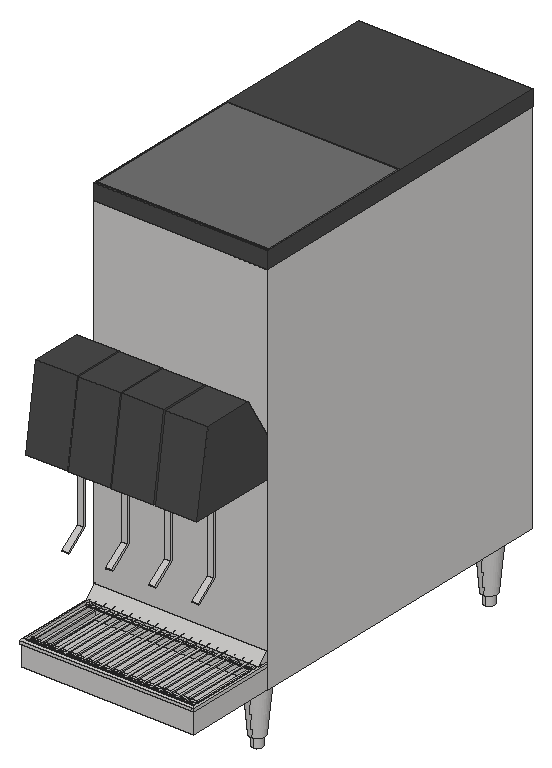
Revit family "QF_LANCER_CED 500_cat", category Specialty Equipment, Revit 2012
Parameters
  Width [instance] = 10 3/8"  # constant formula
  Weight in Pounds = 89
  Watts = 0 W
  Waste Water Discharge Temperature [instance] = -459.67 °F
  Volts = 115 V
  URL Cutsheet = "www.lancercorp.com"
  URL = "www.lancercorp.com"
  Type Mark [instance] = ""
  Status [instance] = ""
  Specification by User [instance] = ""
  Specification by Manufacturer = ""
  Show Clearance [instance] = yes
  Serial Number = ""
  Seismic Rating = ""
  SMACNA No = ""
  Revision Code [instance] = ""
  Refrigerant Type = "R134A"
  Plumbing Remarks [instance] = ""
  Plumbing Connection Type [instance] = ""
  Phase = 0
  Omniclass Number and Title = ""
  Number of Poles [instance] = 1
  NAFEM Spec ID Number = ""
  Model = "CED 500"
  Min Ckt Ampacity = 0 A
  Max Overcurrent Protection = 0 A
  Masterspec = ""
  Manufacturer = "LANCER"
  Item Number [instance] = ""
  Installed By [instance] = ""
  Indirect Waste Size = 3/4"
  Indirect Waste Flow [instance] = 0 GPM
  Indirect Waste Connection Type [instance] = ""
  Indirect Waste Connection Height = 0"
  Identify Quantity as Lot [instance] = yes
  Height [instance] = 27 1/2"  # constant formula
  HP = "1/4"
  Furnished By [instance] = ""
  Foodservice Equipment Identifier [instance] = yes
  FL Amps = 7 A
  Electrical Remarks [instance] = ""
  Electric Connection Type [instance] = ""
  Elec Conn RI Height [instance] = 0"
  Elec Conn Connection Height [instance] = 0"
  Description = "COUNTER ELECTRIC DISPENSER"
  Depth [instance] = 25 1/4"  # constant formula
  Cycle = 60 Hz
  Conn Plug = ""
  Conn Conduit = yes
  Cold Water Temperature Recommended [instance] = 0 °F
  Cold Water Size = 3/8"
  Cold Water RI Height [instance] = 0"
  Cold Water Minimum Pressure = 0.00 psi
  Cold Water Maximum Pressure = 0.00 psi
  Cold Water Flow [instance] = 0 GPM
  Cold Water Consumption = ""
  Cold Water Connection Height = 0"
  CSI MasterFormat = ""
  CSI Master Format = ""
  Apparent Power = if(Phase = 3, Volts * FL Amps * 1.73, Volts * FL Amps)  # 805 VA
Reference planes (in)
  plane 1 "BACK": y = 0
  plane 2: z = 0
  plane 3 "LEFT": x = 0
  plane 4 "RIGHT": x = 10.375
  plane 5 "FRONT": y = -25.25
  plane 6 "TOP": z = 27.5
  plane 7: x = 5.1875
  plane 8: y = -12.625
  plane 9: y = -19.75
  plane 10 "Base": z = 4
  plane 11: z = 19
  plane 12: z = 5.5
  plane 13: z = 15.25
  plane 14: z = 26.5
  plane 15: x = 1.3125
  plane 16: x = 4.14617
  plane 17: x = 1.52117
  plane 18: x = 3.90625
  plane 19: x = 6.73992
  plane 20: x = 4.11492
  plane 21: x = 9.0625
  plane 22: x = 11.89617
  plane 23: x = 9.27117
  plane 24: x = 6.46875
  plane 25: x = 9.30242
  plane 26: x = 6.67742
  plane 27: z = 14.75
Forms (in)
  Extrusion 1, solid, material "QF_Finishes_Stainless Steel"
    sketch origin (-4.95282, -180, 4) x (-1, 0, 0) y (0, -1, 0)
      loop
        line (-4.95282, -160.25) -> (-15.32782, -160.25) -> (-15.32782, -179.9375) -> (-4.95282, -179.9375) -> (-4.95282, -160.25)
    from 0 to 22.5
  Extrusion 2, solid, material "QF_Finishes_Black"
    sketch origin (-4.95282, -180, 26.5) x (-1, 0, 0) y (0, -1, 0)
      loop
        line (-4.95282, -180) -> (-4.95282, -160.25) -> (-15.32782, -160.25) -> (-15.32782, -180) -> (-4.95282, -180)
      loop
        line (-5.01532, -170.125) -> (-5.01532, -160.375) -> (-15.26532, -160.375) -> (-15.26532, -170.125) -> (-5.01532, -170.125)
    from 0 to 1
  Extrusion 3, solid, material "QF_Finishes_Stainless Steel"
    sketch origin (-4.83017, -180, 4) x (-1, 0, 0) y (0, -1, 0)
      loop
        line (-4.89267, -160.25) -> (-4.89267, -154.81627) -> (-15.14267, -154.81627) -> (-15.14267, -160.25) -> (-4.89267, -160.25)
      loop
        line (-5.01616, -160.12651) -> (-5.01616, -154.93976) -> (-15.01918, -154.93976) -> (-15.01918, -160.12651) -> (-5.01616, -160.12651)
    from 0 to 1.25
  Extrusion 4, solid, material "QF_Finishes_Stainless Steel"
    sketch origin (-4.83017, -180, 4) x (-1, 0, 0) y (0, -1, 0)
      loop
        line (-5.01616, -160.125) -> (-5.01616, -154.93976) -> (-15.01918, -154.93976) -> (-15.01918, -160.125) -> (-5.01616, -160.125)
    from 0 to 0.25
  Sweep 5, solid, material "QF_Finishes_Stainless Steel"
    path in 3D
      loop
        line (0.0625, -19.75, 5.25) -> (0.0625, -25.18373, 5.25) -> (10.3125, -25.18373, 5.25) -> (10.3125, -19.75, 5.25)
    profile origin (0.0625, -22.46687, 5.25) x (1, 0, 0) y (0, 0, 1)
      loop
        line (0.12349, 0) -> (0.12349, 0.25) -> (0.03755, 0.25)
        arc (0.03755, 0.25) -> (-0.03319, 0.22069) -> (-0.0625, 0.14995) r 0.10005
        line (-0.0625, 0.14995) -> (-0.0625, 0) -> (0.12349, 0)
  Extrusion 6, solid, material "QF_Finishes_Stainless Steel"
    sketch origin (-4.86589, 0, -12.75) x (1, 0, 0) y (0, 0, 1)
      loop
        circle (5.1875, 18.13599) r 0.06312
      loop
        circle (5.70066, 18.13599) r 0.06312
      loop
        circle (6.21382, 18.13599) r 0.06312
      loop
        circle (6.72697, 18.13599) r 0.06312
      loop
        circle (7.24013, 18.13599) r 0.06312
      loop
        circle (7.75329, 18.13599) r 0.06312
      loop
        circle (8.26645, 18.13599) r 0.06312
      loop
        circle (8.77961, 18.13599) r 0.06312
      loop
        circle (9.29276, 18.13599) r 0.06312
      loop
        circle (9.80592, 18.13599) r 0.06312
      loop
        circle (10.31908, 18.13599) r 0.06312
      loop
        circle (10.83224, 18.13599) r 0.06312
      loop
        circle (11.34539, 18.13599) r 0.06312
      loop
        circle (11.85855, 18.13599) r 0.06312
      loop
        circle (12.37171, 18.13599) r 0.06312
      loop
        circle (12.88487, 18.13599) r 0.06312
      loop
        circle (13.39803, 18.13599) r 0.06312
      loop
        circle (13.91118, 18.13599) r 0.06312
      loop
        circle (14.42434, 18.13599) r 0.06312
      loop
        circle (14.9375, 18.13599) r 0.06312
    from 19.87349 to 25.06024
  Extrusion 7, solid, material "QF_Finishes_Stainless Steel"
    sketch origin (5.1875, 11.66928, 35.25) x (0, 1, 0) y (0, 0, 1)
      loop
        circle (-36.32867, -29.86381) r 0.06338
      loop
        circle (-32.22483, -29.86381) r 0.06338
    from -5.00151 to 5.00151
  Extrusion 8, solid, material "QF_Finishes_Stainless Steel"
    sketch origin (0, 0, 0) x (0, 1, 0) y (0, 0, 1)
      loop
        line (-19.75, 6.10401) -> (-20.35401, 5.5) -> (-19.75, 5.5) -> (-19.75, 6.10401)
    from 0.0625 to 10.3125
  Extrusion 9, solid, material "QF_Finishes_Black"
    sketch origin (3.13508, 3.1875, -0.375) x (0, 1, 0) y (0, 0, -1)
      loop
        line (-27.34912, -20.37709) -> (-24.30931, -20.37709) -> (-22.9375, -18.00105) -> (-22.9375, -15.625) -> (-28.11716, -15.625) -> (-27.34912, -20.37709)
    from 0.57258 to 3.07258
  Extrusion 10, solid, material "QF_Finishes_Black"
    sketch origin (-5.51008, 3.1875, -1.19033) x (1, 0, 0) y (0, 1, 0)
      loop
        circle (6.82258, -26.65163) r 0.5
    from 15.81486 to 16.44033
  Sweep 11, solid, material "QF_Finishes_Stainless Steel"
    path origin (-0.38508, 3.1875, -1.19033) x (0, 1, 0) y (0, 0, 1)
      loop
        line (-25.46144, 16.44033) -> (-25.46144, 11.90908) -> (-26.65939, 11.00636)
    profile origin (-0.38508, -22.27394, 12.98438) x (1, 0, 0) y (0, 1, 0)
      loop
        line (1.51008, 0) -> (1.51008, -0.0625) -> (1.88508, -0.0625) -> (1.88508, 0) -> (1.51008, 0)
  Extrusion 12, solid, material "QF_Finishes_Black"
    sketch origin (5.72883, 3.1875, -0.375) x (0, 1, 0) y (0, 0, -1)
      loop
        line (-27.34912, -20.37709) -> (-24.30931, -20.37709) -> (-22.9375, -18.00105) -> (-22.9375, -15.625) -> (-28.11716, -15.625) -> (-27.34912, -20.37709)
    from 0.57258 to 3.07258
  Extrusion 13, solid, material "QF_Finishes_Black"
    sketch origin (-2.91633, 3.1875, -1.19033) x (1, 0, 0) y (0, 1, 0)
      loop
        circle (6.82258, -26.65163) r 0.5
    from 15.81486 to 16.44033
  Sweep 14, solid, material "QF_Finishes_Stainless Steel"
    path origin (2.20867, 3.1875, -1.19033) x (0, 1, 0) y (0, 0, 1)
      loop
        line (-25.46144, 16.44033) -> (-25.46144, 11.90908) -> (-26.65939, 11.00636)
    profile origin (2.20867, -22.27394, 12.98438) x (1, 0, 0) y (0, 1, 0)
      loop
        line (1.51008, 0) -> (1.51008, -0.0625) -> (1.88508, -0.0625) -> (1.88508, 0) -> (1.51008, 0)
  Extrusion 15, solid, material "QF_Finishes_Black"
    sketch origin (10.88508, 3.1875, -0.375) x (0, 1, 0) y (0, 0, -1)
      loop
        line (-27.34912, -20.37709) -> (-24.30931, -20.37709) -> (-22.9375, -18.00105) -> (-22.9375, -15.625) -> (-28.11716, -15.625) -> (-27.34912, -20.37709)
    from 0.57258 to 3.07258
  Extrusion 16, solid, material "QF_Finishes_Black"
    sketch origin (2.23992, 3.1875, -1.19033) x (1, 0, 0) y (0, 1, 0)
      loop
        circle (6.82258, -26.65163) r 0.5
    from 15.81486 to 16.44033
  Sweep 17, solid, material "QF_Finishes_Stainless Steel"
    path origin (7.36492, 3.1875, -1.19033) x (0, 1, 0) y (0, 0, 1)
      loop
        line (-25.46144, 16.44033) -> (-25.46144, 11.90908) -> (-26.65939, 11.00636)
    profile origin (7.36492, -22.27394, 12.98438) x (1, 0, 0) y (0, 1, 0)
      loop
        line (1.51008, 0) -> (1.51008, -0.0625) -> (1.88508, -0.0625) -> (1.88508, 0) -> (1.51008, 0)
  Extrusion 18, solid, material "QF_Finishes_Black"
    sketch origin (8.29133, 3.1875, -0.375) x (0, 1, 0) y (0, 0, -1)
      loop
        line (-27.34912, -20.37709) -> (-24.30931, -20.37709) -> (-22.9375, -18.00105) -> (-22.9375, -15.625) -> (-28.11716, -15.625) -> (-27.34912, -20.37709)
    from 0.57258 to 3.07258
  Extrusion 19, solid, material "QF_Finishes_Black"
    sketch origin (-0.35383, 3.1875, -1.19033) x (1, 0, 0) y (0, 1, 0)
      loop
        circle (6.82258, -26.65163) r 0.5
    from 15.81486 to 16.44033
  Sweep 20, solid, material "QF_Finishes_Stainless Steel"
    path origin (4.77117, 3.1875, -1.19033) x (0, 1, 0) y (0, 0, 1)
      loop
        line (-25.46144, 16.44033) -> (-25.46144, 11.90908) -> (-26.65939, 11.00636)
    profile origin (4.77117, -22.27394, 12.98438) x (1, 0, 0) y (0, 1, 0)
      loop
        line (1.51008, 0) -> (1.51008, -0.0625) -> (1.88508, -0.0625) -> (1.88508, 0) -> (1.51008, 0)
  Revolve 21, solid, material "QF_Finishes_Stainless Steel"
    sketch origin (1.55565, -2.80565, -12.75) x (0, 1, 0) y (0, 0, 1)
      loop
        line (1.55565, 12.75) -> (1.55565, 16.75) -> (0.80565, 16.75) -> (1.10038, 13.38122) -> (1.25572, 13.38122) -> (1.25572, 12.75) -> (1.55565, 12.75)
      axis (1.55565, 16.75) -> (1.55565, 12.75)
    angle from 0 to 360
  Revolve 22, solid, material "QF_Finishes_Stainless Steel"
    sketch origin (8.81935, -2.80565, -12.75) x (0, 1, 0) y (0, 0, -1)
      loop
        line (1.55565, -12.75) -> (1.25572, -12.75) -> (1.25572, -13.38122) -> (1.10038, -13.38122) -> (0.80565, -16.75) -> (1.55565, -16.75) -> (1.55565, -12.75)
      axis (1.55565, -16.75) -> (1.55565, -12.75)
    angle from 0 to 360
  Revolve 23, solid, material "QF_Finishes_Stainless Steel"
    sketch origin (1.55565, -17.00685, -12.75) x (0, -1, 0) y (0, 0, -1)
      loop
        line (1.55565, -12.75) -> (1.25572, -12.75) -> (1.25572, -13.38122) -> (1.10038, -13.38122) -> (0.80565, -16.75) -> (1.55565, -16.75) -> (1.55565, -12.75)
      axis (1.55565, -16.75) -> (1.55565, -12.75)
    angle from 0 to 360
  Revolve 24, solid, material "QF_Finishes_Stainless Steel"
    sketch origin (8.81935, -17.00685, -12.75) x (0, -1, 0) y (0, 0, 1)
      loop
        line (1.55565, 12.75) -> (1.55565, 16.75) -> (0.80565, 16.75) -> (1.10038, 13.38122) -> (1.25572, 13.38122) -> (1.25572, 12.75) -> (1.55565, 12.75)
      axis (1.55565, 16.75) -> (1.55565, 12.75)
    angle from 0 to 360
  Extrusion 25, solid, material "QF_Finishes_Stainless Steel"
    sketch origin (0, -0.0625, 13.75) x (1, 0, 0) y (0, 0, -1)
      loop
        circle (5.1875, -1.5) r 0.25
    from 0 to 0.0625
  Extrusion 26, solid, material "QF_Finishes_Rubber Black"
    sketch origin (-4.95282, -180, 26.5) x (-1, 0, 0) y (0, -1, 0)
      loop
        line (-15.26532, -170.125) -> (-5.01532, -170.125) -> (-5.01532, -160.375) -> (-15.26532, -160.375) -> (-15.26532, -170.125)
    from 0 to 1
  Extrusion 27, solid, material "QF_Finishes_Stainless Steel"
    sketch origin (-4.83017, -180, 4) x (0, -1, 0) y (-1, 0, 0)
      loop
        circle (-157.5, -10.04892) r 0.375
    from 0 to 0.0625
  Extrusion 28, solid, material "QF_Finishes_Stainless Steel"
    sketch origin (4.1875, -0.0625, 3.5) x (1, 0, 0) y (0, 0, -1)
      loop
        circle (5, -1.6875) r 0.1875
    from 0 to 0.0625
Lines and regions (in)
  Split face 1
    outline origin (10.375, -0.0625, 4) x (0, -1, 0) y (0, 0, -1)
      loop
        line (19.6875, -15) -> (0, -15)
      loop
        line (19.6875, -14.9375) -> (0, -14.9375)
  Split face 2
    outline origin (0, -19.75, 4) x (0, 1, 0) y (0, 0, -1)
      loop
        line (0, -15) -> (19.6875, -15)
      loop
        line (0, -14.9375) -> (19.6875, -14.9375)
  Split face 3
    outline origin (6.78023, -24.16162, 20.00209) x (0, -0.159551, -0.98719) y (1, 0, 0)
      loop
        line (3.50126, -4.28023) -> (0.0625, -4.28023) -> (0.0625, -6.65523) -> (3.50126, -6.65523) -> (3.50126, -4.28023)
  Split face 4
    outline origin (9.37398, -24.16162, 20.00209) x (0, -0.159551, -0.98719) y (1, 0, 0)
      loop
        line (3.50126, -4.28023) -> (0.0625, -4.28023) -> (0.0625, -6.65523) -> (3.50126, -6.65523) -> (3.50126, -4.28023)
  Split face 5
    outline origin (14.53023, -24.16162, 20.00209) x (0, -0.159551, -0.98719) y (1, 0, 0)
      loop
        line (3.50126, -4.28023) -> (0.0625, -4.28023) -> (0.0625, -6.65523) -> (3.50126, -6.65523) -> (3.50126, -4.28023)
  Split face 6
    outline origin (11.93648, -24.16162, 20.00209) x (0, -0.159551, -0.98719) y (1, 0, 0)
      loop
        line (3.50126, -4.28023) -> (0.0625, -4.28023) -> (0.0625, -6.65523) -> (3.50126, -6.65523) -> (3.50126, -4.28023)
  Split face 7
    outline origin (10.375, -19.75, 4) x (-1, 0, 0) y (0, 0, -1)
      loop
        line (10.375, -15) -> (0, -15)
      loop
        line (10.375, -14.9375) -> (0, -14.9375)
  Split face 8
    outline origin (10.375, -19.75, 4) x (-1, 0, 0) y (0, 0, -1)
      loop
        line (10.375, -10.75) -> (0, -10.75)
      loop
        line (10.375, -10.625) -> (0, -10.625)
  Split face 9
    outline origin (-4.95282, -180, 27.5) x (-1, 0, 0) y (0, -1, 0)
      loop
        line (-15.26532, -169.87912) -> (-5.01532, -169.87912)
      loop
        line (-15.26532, -169.63325) -> (-5.01532, -169.63325)
      loop
        line (-15.26532, -169.38737) -> (-5.01532, -169.38737)
      loop
        line (-15.26532, -169.1415) -> (-5.01532, -169.1415)
      loop
        line (-15.26532, -168.89562) -> (-5.01532, -168.89562)
      loop
        line (-15.26532, -168.64975) -> (-5.01532, -168.64975)
      loop
        line (-15.26532, -168.40387) -> (-5.01532, -168.40387)
      loop
        line (-15.26532, -168.158) -> (-5.01532, -168.158)
      loop
        line (-15.26532, -167.91212) -> (-5.01532, -167.91212)
      loop
        line (-15.26532, -167.66625) -> (-5.01532, -167.66625)
      loop
        line (-15.26532, -167.42037) -> (-5.01532, -167.42037)
      loop
        line (-15.26532, -167.1745) -> (-5.01532, -167.1745)
      loop
        line (-15.26532, -166.92862) -> (-5.01532, -166.92862)
      loop
        line (-15.26532, -166.68274) -> (-5.01532, -166.68274)
      loop
        line (-15.26532, -166.43687) -> (-5.01532, -166.43687)
      loop
        line (-15.26532, -166.19099) -> (-5.01532, -166.19099)
      loop
        line (-15.26532, -165.94512) -> (-5.01532, -165.94512)
      loop
        line (-15.26532, -165.69924) -> (-5.01532, -165.69924)
      loop
        line (-15.26532, -165.45337) -> (-5.01532, -165.45337)
      loop
        line (-15.26532, -165.20749) -> (-5.01532, -165.20749)
      loop
        line (-15.26532, -164.96162) -> (-5.01532, -164.96162)
      loop
        line (-15.26532, -164.71574) -> (-5.01532, -164.71574)
      loop
        line (-15.26532, -164.46987) -> (-5.01532, -164.46987)
      loop
        line (-15.26532, -164.22399) -> (-5.01532, -164.22399)
      loop
        line (-15.26532, -163.97812) -> (-5.01532, -163.97812)
      loop
        line (-15.26532, -163.73224) -> (-5.01532, -163.73224)
      loop
        line (-15.26532, -163.48636) -> (-5.01532, -163.48636)
      loop
        line (-15.26532, -163.24049) -> (-5.01532, -163.24049)
      loop
        line (-15.26532, -162.99461) -> (-5.01532, -162.99461)
      loop
        line (-15.26532, -162.74874) -> (-5.01532, -162.74874)
      loop
        line (-15.26532, -162.50286) -> (-5.01532, -162.50286)
      loop
        line (-15.26532, -162.25699) -> (-5.01532, -162.25699)
      loop
        line (-15.26532, -162.01111) -> (-5.01532, -162.01111)
      loop
        line (-15.26532, -161.76524) -> (-5.01532, -161.76524)
      loop
        line (-15.26532, -161.51936) -> (-5.01532, -161.51936)
      loop
        line (-15.26532, -161.27349) -> (-5.01532, -161.27349)
      loop
        line (-15.26532, -161.02761) -> (-5.01532, -161.02761)
      loop
        line (-15.26532, -160.78174) -> (-5.01532, -160.78174)
      loop
        line (-15.26532, -160.53586) -> (-5.01532, -160.53586)
  symbolic lines
    curve 1: line (0, -25.25, 4) -> (10.375, -25.25, 4)
    curve 2: line (10.375, -19.75, 4) -> (0, -19.75, 4)
    curve 3: line (0, -19.75, 4) -> (0, -25.25, 4)
    curve 7: line (0.0625, -19.75, 4) -> (0.0625, -24.92966, 4)
    curve 8: line (2.5625, -24.92966, 4) -> (2.5625, -19.75, 4)
    curve 9: line (0.0625, -24.92966, 4) -> (2.5625, -24.92966, 4)
    curve 10: line (0.0625, -24.16162, 4) -> (2.5625, -24.16162, 4)
    curve 11: line (2.65625, -19.75, 4) -> (2.65625, -24.92966, 4)
    curve 12: line (5.15625, -24.92966, 4) -> (5.15625, -19.75, 4)
    curve 13: line (2.65625, -24.16162, 4) -> (5.15625, -24.16162, 4)
    curve 14: line (2.5625, -24.92966, 4) -> (5.15625, -24.92966, 4)
    curve 15: line (5.21875, -19.75, 4) -> (5.21875, -24.92966, 4)
    curve 16: line (5.21875, -24.16162, 4) -> (7.71875, -24.16162, 4)
    curve 17: line (5.15625, -24.92966, 4) -> (7.71875, -24.92966, 4)
    curve 18: line (7.71875, -24.92966, 4) -> (7.71875, -19.75, 4)
    curve 19: line (7.8125, -19.75, 4) -> (7.8125, -24.92966, 4)
    curve 20: line (7.8125, -24.16162, 4) -> (10.3125, -24.16162, 4)
    curve 21: line (7.71875, -24.92966, 4) -> (10.3125, -24.92966, 4)
    curve 22: line (10.3125, -24.92966, 4) -> (10.3125, -19.75, 4)
    curve 23: line (10.3125, -21.12181, 4) -> (7.8125, -21.12181, 4)
    curve 24: line (7.71875, -21.12181, 4) -> (5.21875, -21.12181, 4)
    curve 25: line (5.15625, -21.12181, 4) -> (2.65625, -21.12181, 4)
    curve 26: line (10.3125, -9.875, 4) -> (0.0625, -9.875, 4)
    curve 27: line (0.0625, -9.875, 4) -> (0.0625, -19.625, 4)
    curve 28: line (10.3125, -19.625, 4) -> (10.3125, -9.875, 4)
    curve 29: line (0.0625, -19.625, 4) -> (10.3125, -19.625, 4)
    curve 30: line (3.38812, -9.875, 4) -> (3.38812, -19.625, 4)
    curve 31: line (6.99913, -9.875, 4) -> (6.99913, -19.625, 4)
    curve 32: line (10.3125, -10.12088, 4) -> (0.0625, -10.12088, 4)
    curve 33: line (10.3125, -10.36675, 4) -> (0.0625, -10.36675, 4)
    curve 34: line (10.3125, -10.61263, 4) -> (0.0625, -10.61263, 4)
    curve 35: line (10.3125, -10.8585, 4) -> (0.0625, -10.8585, 4)
    curve 36: line (10.3125, -11.10438, 4) -> (0.0625, -11.10438, 4)
    curve 37: line (10.3125, -11.35025, 4) -> (0.0625, -11.35025, 4)
    curve 38: line (10.3125, -11.59613, 4) -> (0.0625, -11.59613, 4)
    curve 39: line (10.3125, -11.842, 4) -> (0.0625, -11.842, 4)
    curve 40: line (10.3125, -12.08788, 4) -> (0.0625, -12.08788, 4)
    curve 41: line (10.3125, -12.33375, 4) -> (0.0625, -12.33375, 4)
    curve 42: line (10.3125, -12.57963, 4) -> (0.0625, -12.57963, 4)
    curve 43: line (10.3125, -12.8255, 4) -> (0.0625, -12.8255, 4)
    curve 44: line (10.3125, -13.07138, 4) -> (0.0625, -13.07138, 4)
    curve 45: line (10.3125, -13.31726, 4) -> (0.0625, -13.31726, 4)
    curve 46: line (10.3125, -13.56313, 4) -> (0.0625, -13.56313, 4)
    curve 47: line (10.3125, -13.80901, 4) -> (0.0625, -13.80901, 4)
    curve 48: line (10.3125, -14.05488, 4) -> (0.0625, -14.05488, 4)
    curve 49: line (10.3125, -14.30076, 4) -> (0.0625, -14.30076, 4)
    curve 50: line (10.3125, -14.54663, 4) -> (0.0625, -14.54663, 4)
    curve 51: line (10.3125, -14.79251, 4) -> (0.0625, -14.79251, 4)
    curve 52: line (10.3125, -15.03838, 4) -> (0.0625, -15.03838, 4)
    curve 53: line (10.3125, -15.28426, 4) -> (0.0625, -15.28426, 4)
    curve 54: line (10.3125, -15.53013, 4) -> (0.0625, -15.53013, 4)
    curve 55: line (10.3125, -15.77601, 4) -> (0.0625, -15.77601, 4)
    curve 56: line (10.3125, -16.02188, 4) -> (0.0625, -16.02188, 4)
    curve 57: line (10.3125, -16.26776, 4) -> (0.0625, -16.26776, 4)
    curve 58: line (10.3125, -16.51364, 4) -> (0.0625, -16.51364, 4)
    curve 59: line (10.3125, -16.75951, 4) -> (0.0625, -16.75951, 4)
    curve 60: line (10.3125, -17.00539, 4) -> (0.0625, -17.00539, 4)
    curve 61: line (10.3125, -17.25126, 4) -> (0.0625, -17.25126, 4)
    curve 62: line (10.3125, -17.49714, 4) -> (0.0625, -17.49714, 4)
    curve 63: line (10.3125, -17.74301, 4) -> (0.0625, -17.74301, 4)
    curve 64: line (10.3125, -17.98889, 4) -> (0.0625, -17.98889, 4)
    curve 65: line (10.3125, -18.23476, 4) -> (0.0625, -18.23476, 4)
    curve 66: line (10.3125, -18.48064, 4) -> (0.0625, -18.48064, 4)
    curve 67: line (10.3125, -18.72651, 4) -> (0.0625, -18.72651, 4)
    curve 68: line (10.3125, -18.97239, 4) -> (0.0625, -18.97239, 4)
    curve 69: line (10.3125, -19.21826, 4) -> (0.0625, -19.21826, 4)
    curve 70: line (10.3125, -19.46414, 4) -> (0.0625, -19.46414, 4)
    curve 71: line (2.5625, -21.12181, 4) -> (0.0625, -21.12181, 4)
    curve 72: line (10.375, 0, 4) -> (0, 0, 4)
    curve 73: line (10.375, -25.25, 4) -> (10.375, 0, 4)
    curve 74: line (0, 0, 4) -> (0, -19.75, 4)
  sketch lines
    curve 4: line (0.0625, -19.75, 5.25) -> (0.0625, -25.18373, 5.25)
    curve 5: line (0.0625, -25.18373, 5.25) -> (10.3125, -25.18373, 5.25)
    curve 6: line (10.3125, -25.18373, 5.25) -> (10.3125, -19.75, 5.25)
Dimensions and locks (in)
  "Width": plane 3 "LEFT" to plane 4 "RIGHT"
  "Depth": plane 5 "FRONT" to plane 1 "BACK"
  equal spacing: plane 3 "LEFT", plane 7, plane 4 "RIGHT"
  equal spacing: plane 5 "FRONT", plane 8, plane 1 "BACK"
  "Height": plane 6 "TOP" to level
  plane 9 to plane 5 "FRONT" = 5 1/2"
  plane 10 "Base" to level = 4"
  plane 6 "TOP" to plane 11 to plane 10 "Base" = 8 1/2", 15"
  plane 13 to plane 12 to plane 10 "Base" = 9 3/4", 1 1/2"
  plane 9 to plane 1 "BACK" = 19 3/4"
  plane 1 "BACK" to plane 9 = 19 3/4"
  aligned and locked: level to plane 2
Automatic sketch dimensions
  Extrusion 1 sketch curve to plane 4 "RIGHT" = 0"
  Extrusion 1 sketch curve to plane 3 "LEFT" = 0"
  Extrusion 1 sketch curve to plane 9 = 0"
  plane 1 "BACK" to Extrusion 1 sketch curve = 1/16"
  curve 1 to plane 4 "RIGHT" = 0"
  curve 22 to plane 9 = 0"
  curve 3 to plane 3 "LEFT" = 0"
  plane 1 "BACK" to curve 72 = 0"
  curve 72 to plane 3 "LEFT" = 0"
  plane 5 "FRONT" to curve 3 = 0"
  plane 4 "RIGHT" to curve 70 = 1/16"
  plane 4 "RIGHT" to curve 20 = 1/16"
  curve 19 to plane 5 "FRONT" = 0.32034"
  curve 21 to curve 19 = 2 1/2"
  curve 19 to curve 17 = 3/32"
  plane 9 to curve 31 = 1/8"
  curve 18 to curve 31 = 0.71962"
  plane 7 to curve 15 = 1/32"
  curve 17 to plane 7 = 1/32"
  curve 30 to plane 7 = 1.79938"
  curve 30 to curve 11 = 0.73187"
  curve 11 to curve 9 = 3/32"
  plane 3 "LEFT" to curve 47 = 1/16"
  plane 3 "LEFT" to curve 71 = 1/16"
  plane 8 to curve 28 = 2 3/4"
  curve 26 to curve 32 = 0.24588"
  curve 32 to curve 33 = 0.24588"
  curve 33 to curve 34 = 0.24588"
  curve 34 to curve 35 = 0.24588"
  curve 35 to curve 36 = 0.24588"
  curve 36 to curve 37 = 0.24588"
  curve 37 to curve 38 = 0.24588"
  curve 38 to curve 39 = 0.24588"
  curve 39 to curve 40 = 0.24588"
  curve 40 to curve 41 = 0.24588"
  plane 8 to curve 42 = 0.04537"
  curve 43 to plane 8 = 0.2005"
  curve 43 to curve 44 = 0.24588"
  curve 44 to curve 45 = 0.24588"
  curve 45 to curve 46 = 0.24588"
  curve 46 to curve 47 = 0.24588"
  curve 47 to curve 48 = 0.24588"
  curve 48 to curve 49 = 0.24588"
  curve 49 to curve 50 = 0.24588"
  curve 50 to curve 51 = 0.24588"
  curve 51 to curve 52 = 0.24588"
  curve 52 to curve 53 = 0.24588"
  curve 53 to curve 54 = 0.24588"
  curve 54 to curve 55 = 0.24588"
  curve 55 to curve 56 = 0.24588"
  curve 56 to curve 57 = 0.24588"
  curve 57 to curve 58 = 0.24588"
  curve 58 to curve 59 = 0.24588"
  curve 59 to curve 60 = 0.24588"
  curve 60 to curve 61 = 0.24588"
  curve 61 to curve 62 = 0.24588"
  curve 62 to curve 63 = 0.24588"
  curve 63 to curve 64 = 0.24588"
  curve 64 to curve 65 = 0.24588"
  curve 65 to curve 66 = 0.24588"
  curve 66 to curve 67 = 0.24588"
  curve 67 to curve 68 = 0.24588"
  curve 68 to curve 69 = 0.24588"
  curve 70 to curve 27 = 0.16086"
  curve 25 to plane 9 = 1.37181"
  curve 25 to curve 24 = 0"
  curve 24 to curve 23 = 0"
  curve 71 to curve 25 = 0"
  curve 16 to curve 17 = 0.76804"
  curve 20 to curve 21 = 0.76804"
  curve 10 to curve 8 = 0.76804"
  curve 10 to curve 13 = 0"
  Extrusion 1 to Extrusion 2 sketch curve = 0"
  Extrusion 2 sketch curve to Extrusion 1 = 0"  (x2)
  Extrusion 2 sketch curve to Extrusion 1 = 1/16"  (x2)
  Extrusion 2 sketch curve to Extrusion 1 = 1/8"
  Extrusion 2 sketch curve to Extrusion 2 sketch curve = 9 3/4"
  Extrusion 1 to Extrusion 2 sketch curve = 1/16"
  Extrusion 3 sketch curve to plane 9 = 0"
  plane 4 "RIGHT" to Extrusion 3 sketch curve = 1/16"
  Extrusion 3 sketch curve to Extrusion 3 sketch curve = 0.12349"
  plane 3 "LEFT" to Extrusion 3 sketch curve = 0.18599"
  plane 3 "LEFT" to Extrusion 3 sketch curve = 1/16"
  Extrusion 3 sketch curve to plane 9 = 0.12349"
  Extrusion 3 sketch curve to plane 5 "FRONT" = 0.18976"
  Extrusion 3 sketch curve to plane 5 "FRONT" = 0.06627"
  plane 4 "RIGHT" to Extrusion 4 sketch curve = 0.18599"
  plane 3 "LEFT" to Extrusion 4 sketch curve = 0.18599"
  Extrusion 4 sketch curve to plane 9 = 1/8"
  Extrusion 4 sketch curve to plane 5 "FRONT" = 0.18976"
  Sweep 5 sketch curve to profile plane = 0"
  profile plane to Sweep 5 sketch curve = 1/16"
  Sweep 5 sketch curve to profile plane = 0.03755"
  Sweep 5 sketch curve to Sweep 5 sketch curve = 11/128"
  profile plane to Sweep 5 sketch curve = 0.14995"
  plane 12 to Extrusion 6 sketch curve = 0.11401"  (x20)
  plane 3 "LEFT" to Extrusion 6 sketch curve = 0.32161"
  Extrusion 6 sketch curve to Extrusion 6 sketch curve = 0.51316"  (x16)
  Extrusion 6 sketch curve to plane 7 = 0.24746"
  plane 7 to Extrusion 6 sketch curve = 0.26569"
  plane 4 "RIGHT" to Extrusion 6 sketch curve = 0.30339"
  plane 12 to Extrusion 7 sketch curve = 0.11381"  (x2)
  Extrusion 7 sketch curve to plane 5 "FRONT" = 0.59061"
  Extrusion 7 sketch curve to plane 9 = 0.80555"
  Split face 1 sketch curve to Extrusion 1 = 0"  (x4)
  Split face 1 sketch curve to Extrusion 1 = 7 1/2"
  Split face 1 sketch curve to Split face 1 sketch curve = 1/16"
  Split face 2 sketch curve to Extrusion 1 = 0"  (x4)
  Split face 2 sketch curve to Extrusion 1 = 7 1/2"
  Split face 2 sketch curve to Split face 2 sketch curve = 1/16"
  plane 12 to Extrusion 8 sketch curve = 0"
  Extrusion 8 sketch curve to plane 9 = 0"
  Extrusion 8 sketch curve to Extrusion 8 sketch curve = 0.60401"
  Extrusion 8 sketch curve to plane 12 = 0.60401"
  plane 13 to Extrusion 9 sketch curve = 0"
  Extrusion 9 sketch curve to plane 9 = 0"
  Extrusion 9 sketch curve to plane 9 = 1.37181"
  Extrusion 9 sketch curve to plane 5 "FRONT" = 1.08838"
  Extrusion 9 sketch curve to plane 5 "FRONT" = 0.32034"
  Extrusion 9 sketch curve to plane 11 = 1.37395"
  plane 11 to Extrusion 9 sketch curve = 1.00209"
  Extrusion 9 to Split face 3 sketch curve = 1/16"
  Split face 3 sketch curve to Extrusion 9 = 1/16"  (x2)
  Split face 3 sketch curve to Extrusion 9 = 1 5/16"
  plane 17 to Extrusion 10 sketch curve = 0.20867"
  Extrusion 10 sketch curve to plane 5 "FRONT" = 1.78587"
  plane 13 to Sweep 11 sketch curve = 0"
  Sweep 11 sketch curve to plane 5 "FRONT" = 1.77811"
  Sweep 11 sketch curve to Sweep 11 sketch curve = 1.19795"
  plane 27 to Sweep 11 sketch curve = 4 1/32"
  Sweep 11 sketch curve to Sweep 11 sketch curve = 0.90272"
  profile plane to Sweep 11 sketch curve = 0"
  profile plane to Sweep 11 sketch curve = 1/16"
  plane 15 to Sweep 11 sketch curve = 3/16"
  Sweep 11 sketch curve to plane 15 = 3/16"
  plane 13 to Extrusion 12 sketch curve = 0"
  Extrusion 12 sketch curve to plane 9 = 0"
  Extrusion 12 sketch curve to plane 9 = 1.37181"
  Extrusion 12 sketch curve to plane 5 "FRONT" = 1.08838"
  Extrusion 12 sketch curve to plane 5 "FRONT" = 0.32034"
  Extrusion 12 sketch curve to plane 11 = 1.37395"
  plane 11 to Extrusion 12 sketch curve = 1.00209"
  Extrusion 12 to Split face 4 sketch curve = 1/16"
  Split face 4 sketch curve to Extrusion 12 = 1/16"  (x2)
  Split face 4 sketch curve to Extrusion 12 = 1 5/16"
  plane 20 to Extrusion 13 sketch curve = 0.20867"
  Extrusion 13 sketch curve to plane 5 "FRONT" = 1.78587"
  plane 13 to Sweep 14 sketch curve = 0"
  Sweep 14 sketch curve to plane 5 "FRONT" = 1.77811"
  Sweep 14 sketch curve to Sweep 14 sketch curve = 1.19795"
  plane 27 to Sweep 14 sketch curve = 4 1/32"
  Sweep 14 sketch curve to Sweep 14 sketch curve = 0.90272"
  profile plane to Sweep 14 sketch curve = 0"
  profile plane to Sweep 14 sketch curve = 1/16"
  plane 18 to Sweep 14 sketch curve = 3/16"
  Sweep 14 sketch curve to plane 18 = 3/16"
  plane 13 to Extrusion 15 sketch curve = 0"
  Extrusion 15 sketch curve to plane 9 = 0"
  Extrusion 15 sketch curve to plane 9 = 1.37181"
  Extrusion 15 sketch curve to plane 5 "FRONT" = 1.08838"
  Extrusion 15 sketch curve to plane 5 "FRONT" = 0.32034"
  Extrusion 15 sketch curve to plane 11 = 1.37395"
  plane 11 to Extrusion 15 sketch curve = 1.00209"
  Extrusion 15 to Split face 5 sketch curve = 1/16"
  Split face 5 sketch curve to Extrusion 15 = 1/16"  (x2)
  Split face 5 sketch curve to Extrusion 15 = 1 5/16"
  plane 23 to Extrusion 16 sketch curve = 0.20867"
  Extrusion 16 sketch curve to plane 5 "FRONT" = 1.78587"
  plane 13 to Sweep 17 sketch curve = 0"
  Sweep 17 sketch curve to plane 5 "FRONT" = 1.77811"
  Sweep 17 sketch curve to Sweep 17 sketch curve = 1.19795"
  plane 27 to Sweep 17 sketch curve = 4 1/32"
  Sweep 17 sketch curve to Sweep 17 sketch curve = 0.90272"
  profile plane to Sweep 17 sketch curve = 0"
  profile plane to Sweep 17 sketch curve = 1/16"
  plane 21 to Sweep 17 sketch curve = 3/16"
  Sweep 17 sketch curve to plane 21 = 3/16"
  plane 13 to Extrusion 18 sketch curve = 0"
  Extrusion 18 sketch curve to plane 9 = 0"
  Extrusion 18 sketch curve to plane 9 = 1.37181"
  Extrusion 18 sketch curve to plane 5 "FRONT" = 1.08838"
  Extrusion 18 sketch curve to plane 5 "FRONT" = 0.32034"
  Extrusion 18 sketch curve to plane 11 = 1.37395"
  plane 11 to Extrusion 18 sketch curve = 1.00209"
  Extrusion 18 to Split face 6 sketch curve = 1/16"
  Split face 6 sketch curve to Extrusion 18 = 1/16"  (x2)
  Split face 6 sketch curve to Extrusion 18 = 1 5/16"
  plane 26 to Extrusion 19 sketch curve = 0.20867"
  Extrusion 19 sketch curve to plane 5 "FRONT" = 1.78587"
  plane 13 to Sweep 20 sketch curve = 0"
  Sweep 20 sketch curve to plane 5 "FRONT" = 1.77811"
  Sweep 20 sketch curve to Sweep 20 sketch curve = 1.19795"
  plane 27 to Sweep 20 sketch curve = 4 1/32"
  Sweep 20 sketch curve to Sweep 20 sketch curve = 0.90272"
  profile plane to Sweep 20 sketch curve = 0"
  profile plane to Sweep 20 sketch curve = 1/16"
  plane 24 to Sweep 20 sketch curve = 3/16"
  Sweep 20 sketch curve to plane 24 = 3/16"
  Split face 7 sketch curve to Extrusion 1 = 0"  (x2)
  Extrusion 1 to Split face 7 sketch curve = 0"  (x2)
  Split face 7 sketch curve to Extrusion 1 = 7 1/2"
  Split face 7 sketch curve to Split face 7 sketch curve = 1/16"
  Split face 8 sketch curve to Extrusion 1 = 0"  (x2)
  Extrusion 1 to Split face 8 sketch curve = 0"  (x2)
  Split face 8 sketch curve to Extrusion 1 = 10 3/4"
  Split face 8 sketch curve to Split face 8 sketch curve = 1/8"
  Revolve 21 sketch curve to plane 10 "Base" = 0"  (x2)
  Revolve 21 sketch curve to level = 0"
  plane 1 "BACK" to Revolve 21 sketch curve = 2"
  level to Revolve 21 sketch curve = 0.63122"
  plane 1 "BACK" to Revolve 21 sketch curve = 1.70527"
  Revolve 21 sketch curve to Revolve 21 sketch curve = 0.15534"
  plane 1 "BACK" to Revolve 21 sketch curve = 1 1/4"
  Revolve 21 sketch curve to Revolve 21 sketch curve = 0.29993"
  Revolve 21 sketch curve to Revolve 21 sketch curve = 1 3/4"
  Revolve 22 sketch curve to plane 10 "Base" = 0"  (x2)
  Revolve 22 sketch curve to level = 0"
  plane 1 "BACK" to Revolve 22 sketch curve = 2"
  level to Revolve 22 sketch curve = 0.63122"
  plane 1 "BACK" to Revolve 22 sketch curve = 1.70527"
  Revolve 22 sketch curve to Revolve 22 sketch curve = 0.15534"
  plane 1 "BACK" to Revolve 22 sketch curve = 1 1/4"
  Revolve 22 sketch curve to Revolve 22 sketch curve = 0.29993"
  Revolve 22 sketch curve to Revolve 22 sketch curve = 1 3/4"
  Revolve 23 sketch curve to plane 10 "Base" = 0"  (x2)
  Revolve 23 sketch curve to level = 0"
  plane 9 to Revolve 23 sketch curve = 1 15/16"
  level to Revolve 23 sketch curve = 0.63122"
  plane 9 to Revolve 23 sketch curve = 1.64277"
  Revolve 23 sketch curve to Revolve 23 sketch curve = 0.15534"
  plane 9 to Revolve 23 sketch curve = 1 3/16"
  Revolve 23 sketch curve to Revolve 23 sketch curve = 0.29993"
  Revolve 23 sketch curve to Revolve 23 sketch curve = 1 3/4"
  Revolve 24 sketch curve to plane 10 "Base" = 0"  (x2)
  Revolve 24 sketch curve to level = 0"
  plane 9 to Revolve 24 sketch curve = 1 15/16"
  level to Revolve 24 sketch curve = 0.63122"
  plane 9 to Revolve 24 sketch curve = 1.64277"
  Revolve 24 sketch curve to Revolve 24 sketch curve = 0.15534"
  plane 9 to Revolve 24 sketch curve = 1 3/16"
  Revolve 24 sketch curve to Revolve 24 sketch curve = 0.29993"
  Revolve 24 sketch curve to Revolve 24 sketch curve = 1 3/4"
  Extrusion 1 to Extrusion 25 sketch curve = 11 1/4"
  Extrusion 1 to Extrusion 25 sketch curve = 5 3/16"
  Extrusion 26 sketch curve to Extrusion 1 = 1/16"  (x2)
  Extrusion 26 sketch curve to Extrusion 1 = 9 13/16"
  Extrusion 26 sketch curve to Extrusion 1 = 1/8"
  Extrusion 4 to Extrusion 27 sketch curve = 2.56024"
  Extrusion 4 to Extrusion 27 sketch curve = 4.97026"
  Extrusion 1 to Extrusion 28 sketch curve = 1 3/16"  (x2)
  radius of Extrusion 6 sketch curve = 0.06312"  (x20)
  radius of Extrusion 7 sketch curve = 0.06338"  (x2)
  radius of Extrusion 10 sketch curve = 1/2"
  radius of Extrusion 13 sketch curve = 1/2"
  radius of Extrusion 16 sketch curve = 1/2"
  radius of Extrusion 19 sketch curve = 1/2"
  radius of Extrusion 25 sketch curve = 1/4"
  radius of Extrusion 27 sketch curve = 3/8"
  radius of Extrusion 28 sketch curve = 3/16"
Connectors (in)
  electrical at (5.1875, 0, 15.25), driven by "Volts", driven by "Watts"
    settings: on Extrusion 25, index 1, voltage 115 V, apparent load 0 VA, apparent load phase1 0 VA, apparent load phase2 0 VA, apparent load phase3 0 VA, power factor 1, load classification "Other", number of poles 1, system type 30, power factor state 1, is connector primary yes, connector utility no, sub classification motor no, connector description "ELECTRICAL CONNECTION"
  piping at (5.21875, -22.5, 3.9375)
    settings: on Extrusion 27, index 2, connector radius 3/8", flow factor 0, pipe flow 0 GPM, pressure drop 0.00 psi, fitting loss kfactor 0, connector angle 0.00°, fixture units 0, engagement length 0", flow configuration 1, flow direction 2, fitting loss method 0, system type 16, joint type 0, gender type 0, connector reference index -1, connector utility 0, adjustable connector no, is connector primary yes, fitting loss table "", connector description "DRAIN"
  piping at (9.1875, 0, 5.1875)
    settings: on Extrusion 28, index 3, connector radius 3/16", flow factor 0, pipe flow 0 GPM, pressure drop 0.00 psi, fitting loss kfactor 0, connector angle 0.00°, fixture units 0, engagement length 0", flow configuration 1, flow direction 1, fitting loss method 0, system type 20, joint type 0, gender type 0, connector reference index -1, connector utility 0, adjustable connector no, is connector primary no, fitting loss table "", connector description "COLD WATER CONNECTION"
